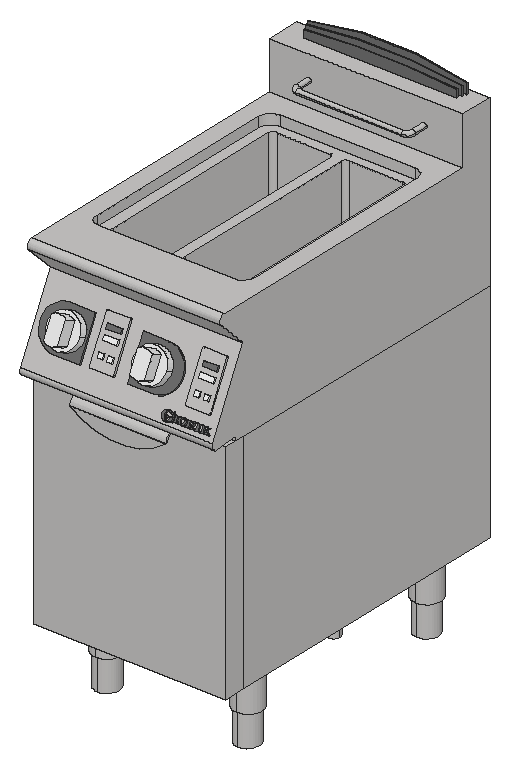
Revit family "QF_GIORIK_FG7207MT", category Specialty Equipment, Revit 2014
Parameters (values of type "FG7207MT")
  Weight in Pounds = 160.9373
  Watts = 200 W
  Volts = 230 V
  URL Cutsheet = "www.giorik.com"
  URL = "www.giorik.com"
  Status [instance] = ""
  Specification by User [instance] = ""
  Specification by Manufacturer = ""
  Show Logo [instance] = yes
  Show Clearance [instance] = yes
  Serial Number = ""
  Seismic Rating = ""
  SMACNA No = ""
  Revision Code [instance] = ""
  Phase = 1
  Number of Poles [instance] = 1
  NAFEM Spec ID Number = ""
  Model = "FG7207MT"
  Min Ckt Ampacity = 0 A
  Mechanical Remarks [instance] = "Natural Gas"
  Mechanical Connection Type [instance] = ""
  Max Overcurrent Protection = 0 A
  Masterspec = ""
  Manufacturer = "GIORIK"
  Item Number [instance] = ""
  Installed By [instance] = ""
  Identify Quantity as Lot [instance] = no
  HP = "0.268204000000"
  Gas Size = 1"
  Gas RI Height [instance] = 0 mm
  Gas KW = 12
  Gas Input = 12000 W
  Gas Connection Height [instance] = 150 mm
  Furnished By [instance] = ""
  Foodservice Equipment Identifier [instance] = yes
  FL Amps = 0 A
  Electrical Remarks [instance] = ""
  Electric Connection Type [instance] = ""
  Elec Conn RI Height [instance] = 0 mm
  Elec Conn Connection Height [instance] = 150 mm
  Description = "8+8 LITRE MELTING GAS FRYER."
  Cycle = 50 Hz
  Conn Plug = ""
  Conn Conduit [instance] = no
  CSI MasterFormat = ""
  Assembly Code = "E1090320"
  Apparent Power = 200 VA
Reference planes
  plane 1 "Back": y = 0
  plane 2: z = 0
  plane 3 "Left": x = 0
  plane 4 "Right": x = 400
  plane 5 "Front": y = -720
  plane 6 "Top": z = 900
Forms (mm)
  Extrusion 1, solid, visible <- "Show Logo"
    sketch origin (196.604, -736.761, 609.486) x (-1, 0, 0) y (0, 0.452718, 0.891654)
      loop
        line (-118.824, 58.358) -> (-127.804, 58.358) -> (-125.523, 56.445) -> (-125.523, 48.027) -> (-127.804, 46.113) -> (-118.824, 46.113) -> (-121.105, 48.027) -> (-121.105, 56.445) -> (-118.824, 58.358)
      loop
        line (-163.721, 58.358) -> (-172.7, 58.358) -> (-170.42, 56.445) -> (-170.42, 48.027) -> (-172.7, 46.113) -> (-163.721, 46.113) -> (-166.001, 48.027) -> (-166.001, 56.445) -> (-163.721, 58.358)
      loop
        line (-174.332, 58.358) -> (-183.312, 58.358) -> (-181.031, 56.445) -> (-181.031, 52.435) -> (-186.419, 56.955) -> (-184.416, 58.358) -> (-191.268, 58.358) -> (-188.01, 56.839) -> (-185.455, 54.283) -> (-190.846, 47.858) -> (-193.396, 46.93) -> (-193.396, 46.113) -> (-184.416, 46.113) -> (-185.437, 47.571) -> (-182.443, 51.552) -> (-181.031, 50.894) -> (-181.031, 48.027) -> (-183.312, 46.113) -> (-174.332, 46.113) -> (-176.613, 48.027) -> (-176.613, 56.445) -> (-174.332, 58.358)
      loop
        line (-115.429, 62.063) -> (-115.429, 54.198)
        arc (-115.429, 54.198) -> (-111.618, 57.803) -> (-106.847, 59.986) r 16.039
        arc (-106.847, 59.986) -> (-103.314, 59.837) -> (-100.512, 57.68) r 5.851
        arc (-100.512, 57.68) -> (-98.815, 52.267) -> (-100.512, 46.853) r 9.479
        arc (-100.512, 46.853) -> (-102.406, 44.986) -> (-104.846, 43.93) r 7.236
        arc (-104.846, 43.93) -> (-107.728, 44.111) -> (-110.052, 45.825) r 5.11
        line (-110.052, 45.825) -> (-110.052, 52.001) -> (-116.141, 52.001) -> (-116.141, 45.503) -> (-117.893, 43.751) -> (-114.094, 44.769)
        arc (-114.094, 44.769) -> (-112.56, 44.947) -> (-111.129, 44.366) r 3.115
        arc (-111.129, 44.366) -> (-104.216, 42.091) -> (-97.303, 44.366) r 11.641
        arc (-97.303, 44.366) -> (-93.396, 52.107) -> (-97.303, 59.849) r 9.622
        arc (-97.303, 59.849) -> (-104.369, 62.174) -> (-111.435, 59.849) r 11.898
        line (-111.435, 59.849) -> (-115.429, 62.063)
      loop
        arc (-129.234, 56.068) -> (-135.893, 58.628) -> (-142.552, 56.068) r 9.941
        arc (-142.552, 56.068) -> (-144.234, 52.286) -> (-142.552, 48.505) r 5.093
        arc (-142.552, 48.505) -> (-135.893, 45.945) -> (-129.234, 48.505) r 9.941
        arc (-129.234, 48.505) -> (-127.552, 52.286) -> (-129.234, 56.068) r 5.093
      loop
        arc (-132.628, 54.403) -> (-135.893, 57.668) -> (-139.158, 54.403) r 3.265
        line (-139.158, 54.403) -> (-139.158, 50.169)
        arc (-139.158, 50.169) -> (-135.893, 46.904) -> (-132.628, 50.169) r 3.265
        line (-132.628, 50.169) -> (-132.628, 54.403)
      loop
        arc (-156.363, 58.365) -> (-159.647, 55.081) -> (-156.363, 51.796) r 3.285
        line (-156.363, 51.796) -> (-159.529, 47.306) -> (-162.087, 46.113) -> (-155.847, 46.113) -> (-153.529, 51.083) -> (-150.637, 51.083) -> (-150.637, 47.784) -> (-153.022, 46.113) -> (-144.011, 46.113) -> (-146.094, 47.68) -> (-146.094, 56.493) -> (-144.229, 58.365) -> (-156.363, 58.365)
      loop
        line (-150.637, 57.512) -> (-153.637, 57.512)
        arc (-153.637, 57.512) -> (-156.237, 54.912) -> (-153.637, 52.312) r 2.6
        line (-153.637, 52.312) -> (-150.637, 52.312) -> (-150.637, 57.512)
      loop
        line (-108.924, 52.001) -> (-104.936, 49.005) -> (-100.948, 52.001) -> (-108.924, 52.001)
    from 1.5 to -0.5
  Extrusion 2, solid
    sketch origin (-16, 1025.81, 0) x (1, 0, 0) y (0, 1, 0)
      loop
        line (25, -1086.81) -> (25, -1156.81) -> (115, -1156.81) -> (115, -1086.81) -> (25, -1086.81)
    from 148 to 150
  Extrusion 3, solid
    sketch origin (-14, 0, 130) x (1, 0, 0) y (0, 1, 0)
      loop
        circle (54, -385) r 12.5
    from 0 to 20
  Extrusion 4, solid
    sketch origin (0, 1000, -20) x (0, 1, 0) y (0, 0, 1)
      loop
        line (-1000, 989.988) -> (-1070, 989.988) -> (-1070, 889.988) -> (-1688.806, 889.988)
        arc (-1688.806, 889.988) -> (-1699.151, 883.075) -> (-1696.724, 870.873) r 11.197
        line (-1696.724, 870.873) -> (-1640.876, 815.025) -> (-1718.948, 661.258)
        arc (-1718.948, 661.258) -> (-1718.233, 650.105) -> (-1708.118, 645.354) r 10.981
        line (-1708.118, 645.354) -> (-1660, 649.925) -> (-1660, 640) -> (-1000, 640) -> (-1000, 989.988)
    from 0 to 400
  Extrusion 5, solid
    sketch origin (0, 0, 599.536) x (1, 0, 0) y (0, 1, 0)
      loop
        line (0, -640) -> (40, -640) -> (40, -40) -> (360, -40) -> (360, -640) -> (400, -640) -> (400, 0) -> (0, 0) -> (0, -640)
    from -449.536 to 20.464
  Extrusion 6, solid
    sketch origin (0, 0, 0) x (1, 0, 0) y (0, 1, 0)
      loop
        line (40, -40) -> (40, -640) -> (360, -640) -> (360, -40) -> (40, -40)
    from 150 to 190
  Extrusion 7, solid
    sketch origin (-16, 560.81, 0) x (1, 0, 0) y (0, 1, 0)
      loop
        line (25, -1086.81) -> (25, -1156.81) -> (115, -1156.81) -> (115, -1086.81) -> (25, -1086.81)
    from 148 to 150
  Revolve 8, solid
    sketch origin (54, 560.81, 0) x (0, 1, 0) y (0, 0, 1)
      loop
        line (-1092.56, 66) -> (-1092.56, 148) -> (-1121.81, 148) -> (-1121.81, 0) -> (-1096.81, 0) -> (-1096.81, 66) -> (-1092.56, 66)
      axis (-1121.81, 0) -> (-1121.81, 148)
    angle from 0 to 360
  Revolve 9, solid
    sketch origin (54, 1025.81, 0) x (0, 1, 0) y (0, 0, 1)
      loop
        line (-1092.56, 66) -> (-1092.56, 148) -> (-1121.81, 148) -> (-1121.81, 0) -> (-1096.81, 0) -> (-1096.81, 66) -> (-1092.56, 66)
      axis (-1121.81, 0) -> (-1121.81, 148)
    angle from 0 to 360
  Extrusion 10, solid
    sketch origin (416, 560.81, 0) x (-1, 0, 0) y (0, -1, 0)
      loop
        line (25, 1086.81) -> (115, 1086.81) -> (115, 1156.81) -> (25, 1156.81) -> (25, 1086.81)
    from 148 to 150
  Revolve 11, solid
    sketch origin (346, 560.81, 0) x (0, 1, 0) y (0, 0, -1)
      loop
        line (-1092.56, -66) -> (-1096.81, -66) -> (-1096.81, 0) -> (-1121.81, 0) -> (-1121.81, -148) -> (-1092.56, -148) -> (-1092.56, -66)
      axis (-1121.81, 0) -> (-1121.81, -148)
    angle from 0 to 360
  Extrusion 12, solid
    sketch origin (416, -1217.81, 0) x (-1, 0, 0) y (0, -1, 0)
      loop
        line (25, -1086.81) -> (25, -1156.81) -> (115, -1156.81) -> (115, -1086.81) -> (25, -1086.81)
    from 148 to 150
  Revolve 13, solid
    sketch origin (346, -1217.81, 0) x (0, -1, 0) y (0, 0, 1)
      loop
        line (-1092.56, 66) -> (-1092.56, 148) -> (-1121.81, 148) -> (-1121.81, 0) -> (-1096.81, 0) -> (-1096.81, 66) -> (-1092.56, 66)
      axis (-1121.81, 0) -> (-1121.81, 148)
    angle from 0 to 360
  Extrusion 14, solid
    sketch origin (-353.221, -963.345, 52.363) x (1, 0, 0) y (0, 0.452718, 0.891654)
      loop
        line (463.221, 676.25) -> (463.221, 766.25) -> (409.698, 766.25)
        arc (409.698, 766.25) -> (364.698, 721.25) -> (409.698, 676.25) r 45
        line (409.698, 676.25) -> (463.221, 676.25)
    from 48 to 50
  Extrusion 15, solid
    sketch origin (421.331, -1008.697, 74.959) x (-1, 0, 0) y (0, -0.45351, -0.891251)
      loop
        circle (351.331, -721.346) r 35
    from 0 to 15
  Extrusion 16, solid
    sketch origin (421.331, -1008.697, 74.959) x (-1, 0, 0) y (0, -0.45351, -0.891251)
      loop
        arc (336.331, -743.846) -> (351.331, -748.846) -> (366.331, -743.846) r 25
        line (366.331, -743.846) -> (366.331, -698.846)
        arc (366.331, -698.846) -> (351.331, -693.846) -> (336.331, -698.846) r 25
        line (336.331, -698.846) -> (336.331, -743.846)
    from 15 to 40
  Extrusion 17, solid
    sketch origin (-94, 0, 59.999) x (1, 0, 0) y (0, 0, 1)
      loop
        line (135, 909.989) -> (453, 909.989) -> (453, 925.527) -> (347.056, 931.749) -> (240.944, 931.749) -> (135, 925.527) -> (135, 909.989)
    from 32 to 35
  Extrusion 18, solid
    sketch origin (-92, 10, 59.999) x (1, 0, 0) y (0, 0, 1)
      loop
        line (454, 909.989) -> (454, 928.527) -> (346.162, 939.193) -> (237.838, 939.193) -> (130, 928.527) -> (130, 909.989) -> (454, 909.989)
    from 32 to 35
  Extrusion 19, solid
    sketch origin (-90, 20, 59.999) x (1, 0, 0) y (0, 0, 1)
      loop
        line (455, 909.989) -> (455, 930.527) -> (345.396, 947.413) -> (234.604, 947.413) -> (125, 930.527) -> (125, 909.989) -> (455, 909.989)
    from 32 to 35
  Extrusion 20, void
    sketch origin (0, 0, 819.988) x (0, 1, 0) y (-1, 0, 0)
      loop
        arc (-120, -60) -> (-127.322, -42.322) -> (-145, -35) r 25
        line (-145, -35) -> (-565.002, -35)
        arc (-565.002, -35) -> (-582.68, -42.322) -> (-590.002, -60) r 25
        line (-590.002, -60) -> (-590.002, -340)
        arc (-590.002, -340) -> (-582.68, -357.678) -> (-565.002, -365) r 25
        line (-565.002, -365) -> (-145, -365)
        arc (-145, -365) -> (-127.322, -357.678) -> (-120, -340) r 25
        line (-120, -340) -> (-120, -60)
    from -100 to 50
  Extrusion 21, solid
    sketch origin (0, 0, 900) x (0, 1, 0) y (-1, 0, 0)
      loop
        arc (-120, -60) -> (-127.322, -42.322) -> (-145, -35) r 25
        line (-145, -35) -> (-565.002, -35)
        arc (-565.002, -35) -> (-582.68, -42.322) -> (-590.002, -60) r 25
        line (-590.002, -60) -> (-590.002, -340)
        arc (-590.002, -340) -> (-582.68, -357.678) -> (-565.002, -365) r 25
        line (-565.002, -365) -> (-145, -365)
        arc (-145, -365) -> (-127.322, -357.678) -> (-120, -340) r 25
        line (-120, -340) -> (-120, -60)
      loop
        arc (-140, -70) -> (-142.929, -62.929) -> (-150, -60) r 10
        line (-150, -60) -> (-555.002, -60)
        arc (-555.002, -60) -> (-562.073, -62.929) -> (-565.002, -70) r 10
        line (-565.002, -70) -> (-565.002, -180)
        arc (-565.002, -180) -> (-562.073, -187.071) -> (-555.002, -190) r 10
        line (-555.002, -190) -> (-150, -190)
        arc (-150, -190) -> (-142.929, -187.071) -> (-140, -180) r 10
        line (-140, -180) -> (-140, -70)
      loop
        line (-140, -330) -> (-140, -220)
        arc (-140, -220) -> (-142.929, -212.929) -> (-150, -210) r 10
        line (-150, -210) -> (-555.002, -210)
        arc (-555.002, -210) -> (-562.073, -212.929) -> (-565.002, -220) r 10
        line (-565.002, -220) -> (-565.002, -330)
        arc (-565.002, -330) -> (-562.073, -337.071) -> (-555.002, -340) r 10
        line (-555.002, -340) -> (-150, -340)
        arc (-150, -340) -> (-142.929, -337.071) -> (-140, -330) r 10
    from -180.012 to -50
  Extrusion 22, solid
    sketch origin (673.221, -963.345, 52.363) x (-1, 0, 0) y (0, -0.452718, -0.891654)
      loop
        line (463.221, -676.25) -> (409.698, -676.25)
        arc (409.698, -676.25) -> (364.698, -721.25) -> (409.698, -766.25) r 45
        line (409.698, -766.25) -> (463.221, -766.25) -> (463.221, -676.25)
    from 48 to 50
  Extrusion 23, solid
    sketch origin (-101.331, -1008.697, 74.959) x (1, 0, 0) y (0, 0.45351, 0.891251)
      loop
        circle (351.331, 721.346) r 35
    from 0 to 15
  Extrusion 24, solid
    sketch origin (-101.331, -1008.697, 74.959) x (1, 0, 0) y (0, 0.45351, 0.891251)
      loop
        line (336.331, 743.846) -> (336.331, 698.846)
        arc (336.331, 698.846) -> (351.331, 693.846) -> (366.331, 698.846) r 25
        line (366.331, 698.846) -> (366.331, 743.846)
        arc (366.331, 743.846) -> (351.331, 748.846) -> (336.331, 743.846) r 25
    from 15 to 40
  Extrusion 25, solid
    sketch origin (0, -725, 0) x (1, 0, 0) y (0, 0, 1)
      loop
        line (0, 620) -> (0, 150) -> (400, 150) -> (400, 620) -> (0, 620)
    from -85 to -40
  Extrusion 26, solid
    sketch origin (2.5, -725, -20.1) x (0, 1, 0) y (0, 0, 1)
      loop
        arc (25, 640.1) -> (14.393, 635.707) -> (10, 625.1) r 15
        line (10, 625.1) -> (12, 625.1)
        arc (12, 625.1) -> (15.808, 634.292) -> (25, 638.1) r 13
        line (25, 638.1) -> (40, 638.1) -> (40, 640.1) -> (25, 640.1)
    from 97.5 to 297.5
  Extrusion 27, solid
    sketch origin (2.5, -724.905, -20.1) x (1, 0, 0) y (0, 0, 1)
      loop
        arc (97.5, 625.1) -> (197.5, 590.089) -> (297.5, 625.1) r 160.316
        line (297.5, 625.1) -> (97.5, 625.1)
    from -11.905 to -9.905
  Extrusion 28, solid, visible <- "Show Clearance", detail levels coarse
    sketch origin (395, -725, 0) x (-1, 0, 0) y (0, -1, 0)
      loop
        line (-5, -40) -> (395, -40)
        arc (395, -40) -> (277.534, 241.069) -> (-5, 354.968) r 395
        line (-5, 354.968) -> (-5, -40)
    from 150 to 620
  Extrusion 29, solid
    sketch origin (0, 0, 100) x (0, 1, 0) y (-1, 0, 0)
      loop
        circle (-380, -380) r 12.5
    from 30 to 50
  Extrusion 30, solid
    sketch origin (-195.308, -1033.637, 22.13) x (1, 0, 0) y (0, 0.453086, 0.891467)
      loop
        arc (527.687, 837.056) -> (525.919, 836.323) -> (525.187, 834.556) r 2.5
        line (525.187, 834.556) -> (525.187, 739.556)
        arc (525.187, 739.556) -> (525.919, 737.788) -> (527.687, 737.056) r 2.5
        line (527.687, 737.056) -> (572.687, 737.056)
        arc (572.687, 737.056) -> (574.454, 737.788) -> (575.187, 739.556) r 2.5
        line (575.187, 739.556) -> (575.187, 834.556)
        arc (575.187, 834.556) -> (574.454, 836.323) -> (572.687, 837.056) r 2.5
        line (572.687, 837.056) -> (527.687, 837.056)
    from 0 to 2
  Extrusion 31, solid
    sketch origin (-193.351, -1027.435, 34.333) x (1, 0, 0) y (0, 0.453086, 0.891467)
      loop
        line (533.229, 803.367) -> (533.229, 793.367) -> (563.229, 793.367) -> (563.229, 803.367) -> (533.229, 803.367)
    from 0 to 3
  Extrusion 32, solid
    sketch origin (-193.351, -1029.701, 29.876) x (1, 0, 0) y (0, 0.453086, 0.891467)
      loop
        line (533.229, 758.367) -> (533.229, 748.367) -> (543.229, 748.367) -> (543.229, 758.367) -> (533.229, 758.367)
    from 0 to 3
  Extrusion 33, solid
    sketch origin (-193.351, -1036.497, 16.504) x (1, 0, 0) y (0, 0.453086, 0.891467)
      loop
        line (533.229, 803.367) -> (533.229, 793.367) -> (563.229, 793.367) -> (563.229, 803.367) -> (533.229, 803.367)
    from 0 to 3
  Extrusion 34, solid
    sketch origin (-173.351, -1029.701, 29.876) x (1, 0, 0) y (0, 0.453086, 0.891467)
      loop
        line (533.229, 758.367) -> (533.229, 748.367) -> (543.229, 748.367) -> (543.229, 758.367) -> (533.229, 758.367)
    from 0 to 3
  Extrusion 35, solid
    sketch origin (-395.308, -1033.637, 22.13) x (1, 0, 0) y (0, 0.453086, 0.891467)
      loop
        arc (527.687, 837.056) -> (525.919, 836.323) -> (525.187, 834.556) r 2.5
        line (525.187, 834.556) -> (525.187, 739.556)
        arc (525.187, 739.556) -> (525.919, 737.788) -> (527.687, 737.056) r 2.5
        line (527.687, 737.056) -> (572.687, 737.056)
        arc (572.687, 737.056) -> (574.454, 737.788) -> (575.187, 739.556) r 2.5
        line (575.187, 739.556) -> (575.187, 834.556)
        arc (575.187, 834.556) -> (574.454, 836.323) -> (572.687, 837.056) r 2.5
        line (572.687, 837.056) -> (527.687, 837.056)
    from 0 to 2
  Extrusion 36, solid
    sketch origin (-393.351, -1027.435, 34.333) x (1, 0, 0) y (0, 0.453086, 0.891467)
      loop
        line (533.229, 803.367) -> (533.229, 793.367) -> (563.229, 793.367) -> (563.229, 803.367) -> (533.229, 803.367)
    from 0 to 3
  Extrusion 37, solid
    sketch origin (-393.351, -1029.701, 29.876) x (1, 0, 0) y (0, 0.453086, 0.891467)
      loop
        line (533.229, 758.367) -> (533.229, 748.367) -> (543.229, 748.367) -> (543.229, 758.367) -> (533.229, 758.367)
    from 0 to 3
  Extrusion 38, solid
    sketch origin (-393.351, -1036.497, 16.504) x (1, 0, 0) y (0, 0.453086, 0.891467)
      loop
        line (533.229, 803.367) -> (533.229, 793.367) -> (563.229, 793.367) -> (563.229, 803.367) -> (533.229, 803.367)
    from 0 to 3
  Extrusion 39, solid
    sketch origin (-373.351, -1029.701, 29.876) x (1, 0, 0) y (0, 0.453086, 0.891467)
      loop
        line (533.229, 758.367) -> (533.229, 748.367) -> (543.229, 748.367) -> (543.229, 758.367) -> (533.229, 758.367)
    from 0 to 3
  Sweep 40, solid
    path origin (0, 0, 919.988) x (0, 1, 0) y (-1, 0, 0)
      loop
        line (-70, -80) -> (-100, -80)
        arc (-100, -80) -> (-107.071, -82.929) -> (-110, -90) r 10
        line (-110, -90) -> (-110, -310)
        arc (-110, -310) -> (-107.071, -317.071) -> (-100, -320) r 10
        line (-100, -320) -> (-70, -320)
    profile origin (80, -85, 919.988) x (1, 0, 0) y (0, 0, 1)
      loop
        circle (0, 0) r 5
Cuts and joins
  Extrusion 20 cuts Extrusion 4
Lines and regions (mm)
  symbolic lines, style "200-EquipBorder-2D"
    curve 1: line (0, -720, 0) -> (400, -720, 0)
    curve 2: line (400, -720, 0) -> (400, 0, 0)
    curve 3: line (400, 0, 0) -> (0, 0, 0)
    curve 4: line (0, 0, 0) -> (0, -720, 0)
  symbolic lines, style "200-EquipInternal-2D"
    curve 5: line (0, -70, 900) -> (75.152, -70, 900)
    curve 6: line (35, -12, 900) -> (365, -12, 900)
    curve 7: line (365, -12, 900) -> (365, -15, 900)
    curve 8: line (365, -15, 900) -> (35, -15, 900)
    curve 9: line (35, -15, 900) -> (35, -12, 900)
    curve 10: line (38, -22, 900) -> (362, -22, 900)
    curve 11: line (362, -22, 900) -> (362, -25, 900)
    curve 12: line (362, -25, 900) -> (38, -25, 900)
    curve 13: line (38, -25, 900) -> (38, -22, 900)
    curve 14: line (41, -32, 900) -> (359, -32, 900)
    curve 15: line (359, -32, 900) -> (359, -35, 900)
    curve 16: line (359, -35, 900) -> (41, -35, 900)
    curve 17: line (41, -35, 900) -> (41, -32, 900)
    curve 18: line (340, -120, 900) -> (60, -120, 900)
    curve 19: arc (60, -120, 900) -> (42.322, -127.322, 900) -> (35, -145, 900) r 25
    curve 20: line (35, -145, 900) -> (35, -565, 900)
    curve 21: arc (365, -145, 900) -> (357.678, -127.322, 900) -> (340, -120, 900) r 25
    curve 22: arc (340, -590, 900) -> (356.212, -584.031, 900) -> (364.682, -568.975, 900) r 25
    curve 23: line (60, -590, 900) -> (340, -590, 900)
    curve 24: arc (35, -565, 900) -> (42.322, -582.678, 900) -> (60, -590, 900) r 25
    curve 25: line (365, -565.002, 900) -> (365, -145, 900)
    curve 28: line (70, -140, 900) -> (180, -140, 900)
    curve 29: line (210, -555.002, 900) -> (210, -150, 900)
    curve 30: line (190, -150, 900) -> (190, -555.002, 900)
    curve 31: line (60, -555.002, 900) -> (60, -150, 900)
    curve 32: line (220, -140, 900) -> (330, -140, 900)
    curve 33: line (340, -150, 900) -> (340, -555.002, 900)
    curve 34: line (330, -565.002, 900) -> (220, -565.002, 900)
    curve 35: line (180, -565.002, 900) -> (70, -565.002, 900)
    curve 36: arc (70, -140, 900) -> (62.929, -142.929, 900) -> (60, -150, 900) r 10
    curve 37: arc (180, -140, 900) -> (187.071, -142.929, 900) -> (190, -150, 900) r 10
    curve 38: arc (210, -150, 900) -> (212.929, -142.929, 900) -> (220, -140, 900) r 10
    curve 39: arc (330, -140, 900) -> (337.071, -142.929, 900) -> (340, -150, 900) r 10
    curve 40: arc (60, -555.002, 900) -> (62.929, -562.073, 900) -> (70, -565.002, 900) r 10
    curve 41: arc (180, -565.002, 900) -> (187.071, -562.073, 900) -> (190, -555.002, 900) r 10
    curve 42: arc (340, -555.002, 900) -> (337.071, -562.073, 900) -> (330, -565.002, 900) r 10
    curve 43: arc (220, -565.002, 900) -> (212.929, -562.073, 900) -> (210, -555.002, 900) r 10
    curve 44: line (75.152, -70, 900) -> (75.152, -99.667, 900)
    curve 45: line (85.152, -100, 900) -> (85.152, -70, 900)
    curve 46: line (90.141, -104.989, 900) -> (310.245, -104.989, 900)
    curve 47: line (315.007, -100.227, 900) -> (315.007, -70, 900)
    curve 48: line (325.007, -70, 900) -> (325.007, -100.301, 900)
    curve 49: line (310.308, -115, 900) -> (90.485, -115, 900)
    curve 50: arc (90.485, -115, 900) -> (79.643, -110.509, 900) -> (75.152, -99.667, 900) r 15.333
    curve 51: arc (85.152, -100, 900) -> (86.613, -103.528, 900) -> (90.141, -104.989, 900) r 4.989
    curve 52: arc (310.308, -115, 900) -> (320.702, -110.695, 900) -> (325.007, -100.301, 900) r 14.699
    curve 53: arc (315.007, -100.227, 900) -> (313.612, -103.594, 900) -> (310.245, -104.989, 900) r 4.762
    curve 54: line (85.152, -70, 900) -> (315.007, -70, 900)
    curve 55: line (325.007, -70, 900) -> (400, -70, 900)
  symbolic lines, style "QF_Door-Drawer Clearances", visible <- "Show Clearance", detail levels coarse
    curve 26: arc (400, -1079.968, 0) -> (130.204, -978.101, 0) -> (1.554, -720, 0) r 395
    curve 27: line (400, -720, 0) -> (400, -1079.968, 0)
Dimensions and locks
  plane 3 "Left" to plane 4 "Right" = 400 mm
  plane 5 "Front" to plane 1 "Back" = 720 mm
  plane 4 "Right" to plane 3 "Left" = 400 mm
  plane 1 "Back" to plane 5 "Front" = 720 mm
  plane 6 "Top" to level = 900 mm  (x2)
  aligned and locked: level to plane 2
Connectors
  electrical at (380, -380, 130), driven by "Apparent Power", driven by "Volts", driven by "Number of Poles"
    settings: on Extrusion 29, index 1, voltage 230 V, apparent load 0 VA, apparent load phase1 200 VA, apparent load phase2 0 VA, apparent load phase3 0 VA, power factor 1, load classification "Other", number of poles 1, system type 31, power factor state 1, is connector primary yes, connector utility no, sub classification motor no, connector description "Electrical connection"
  piping at (40, -385, 130), diameter 25.4, driven by "Gas Size"
    settings: on Extrusion 3, index 2, connector inside diameter 24", connector length 0 mm, flow factor 0, pipe flow 0.0 L/s, pressure drop 0.0 Pa, fitting loss kfactor 0, connector angle 0.00°, fixture units 0, engagement length 0 mm, angle of deflection 0.00°, flow configuration 1, flow direction 1, fitting loss method 0, system type 22, joint type 0, gender type 0, connector reference index -1, connector utility 0, adjustable connector no, is connector primary yes, connector description "Gas inlet"
